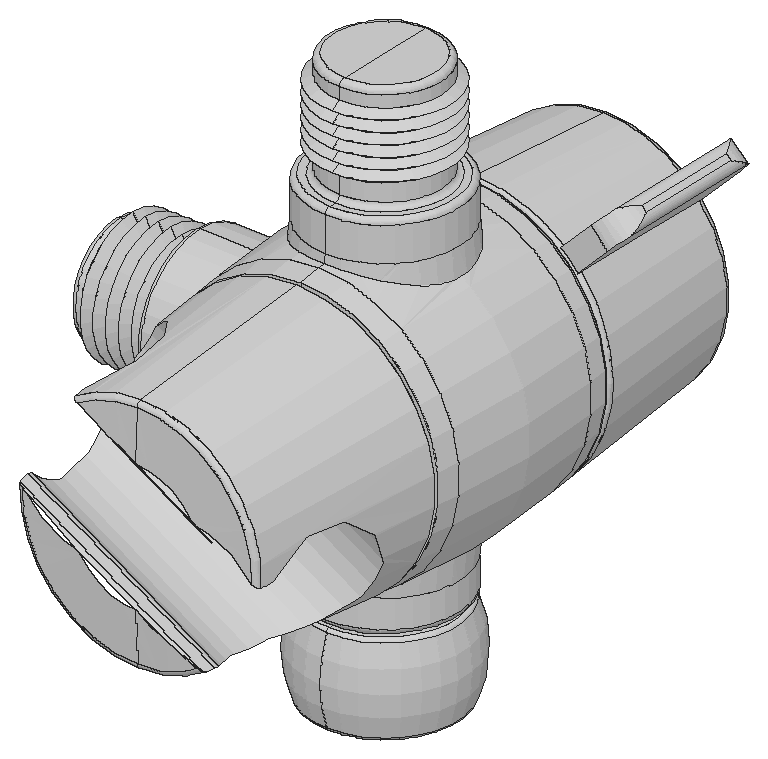
Revit family "VS-118", category Plumbing Equipment, host Face, Revit 2023
Family settings
  Host = Face
  Round Connector Dimension = Use Diameter
  Classification = None
  Part Type = Normal
  Cut with Voids When Loaded = No
  Maintain Annotation Orientation = No
  Shared = No
  Room Calculation Point = No
Parameters
  Material = Stainless Steel, Polished
  Default Elevation = 4' - 0"
Reference planes (in)
  plane 1 "Center (Front/Back)": y = 0
  plane 2: z = 0
  plane 3 "Center (Left/Right)": x = 0
  plane 4: y = -1.96956
  plane 5: y = 1.78044
  plane 6: z = 3.625
Forms (in)
  Revolve 1, solid, material "Stainless Steel, Polished" <- "Material"
    sketch origin (0, 0, 0) x (0, 1, 0) y (0, 0, 1)
      loop
        line (0, 3.625) -> (0, 0.60013) -> (0.43386, 0.60013)
        arc (0.43386, 0.60013) -> (0.45798, 0.61012) -> (0.46797, 0.63423) r 0.03411
        line (0.46797, 0.63423) -> (0.46797, 0.81136)
        arc (0.46797, 0.81136) -> (0.51846, 1.75476) -> (0.46797, 2.69815) r 8.83889
        line (0.46797, 2.69815) -> (0.46797, 2.91434)
        arc (0.46797, 2.91434) -> (0.45798, 2.93846) -> (0.43386, 2.94845) r 0.03411
        line (0.43386, 2.94845) -> (0.38976, 2.94845)
        arc (0.38976, 2.94845) -> (0.36538, 2.95855) -> (0.35529, 2.98292) r 0.03447
        line (0.35529, 2.98292) -> (0.35529, 3.09229) -> (0.41381, 3.12745) -> (0.35529, 3.16262) -> (0.41381, 3.19779) -> (0.35529, 3.23295) -> (0.41381, 3.26812) -> (0.35529, 3.30328) -> (0.41381, 3.33845) -> (0.35529, 3.37362) -> (0.41381, 3.40878) -> (0.35529, 3.44395) -> (0.41381, 3.47911) -> (0.35529, 3.51428) -> (0.35529, 3.58864)
        arc (0.35529, 3.58864) -> (0.34464, 3.61435) -> (0.31892, 3.625) r 0.03636
        line (0.31892, 3.625) -> (0, 3.625)
      axis (0, 3.625) -> (0, 0.60013)
    angle from 0 to 360
  Revolve 2, solid, material "Stainless Steel, Polished" <- "Material"
    sketch origin (0, 0, 0) x (0, 1, 0) y (0, 0, 1)
      loop
        arc (1.78277, 1.75476) -> (1.77819, 2.12176) -> (1.76446, 2.48854) r 14.71269
        arc (1.76446, 2.48854) -> (1.75205, 2.51724) -> (1.72383, 2.53072) r 0.04457
        line (1.72383, 2.53072) -> (0.71123, 2.61931)
        arc (0.71123, 2.61931) -> (0.69601, 2.61414) -> (0.68953, 2.59942) r 0.01996
        line (0.68953, 2.59942) -> (0.68953, 1.75476) -> (1.78277, 1.75476)
      loop
        line (-0.51827, 2.64029) -> (-0.66556, 2.6222) -> (-0.66556, 2.59102) -> (-0.69643, 2.59102) -> (-0.69643, 2.62181) -> (-1.91815, 2.51039)
        arc (-1.91815, 2.51039) -> (-1.93957, 2.50014) -> (-1.94911, 2.47839) r 0.03412
        arc (-1.94911, 2.47839) -> (-1.96482, 2.11672) -> (-1.97006, 1.75476) r 12.50698
        line (-1.97006, 1.75476) -> (0.67551, 1.75476) -> (0.67551, 2.60226)
        arc (0.67551, 2.60226) -> (0.67021, 2.61643) -> (0.65692, 2.62365) r 0.02159
        line (0.65692, 2.62365) -> (0.51827, 2.64029)
        arc (0.51827, 2.64029) -> (0, 2.67128) -> (-0.51827, 2.64029) r 4.34915
      axis (-1.97006, 1.75476) -> (1.78277, 1.75476)
    angle from 0 to 360
  Revolve 3, solid, material "Stainless Steel, Polished" <- "Material"
    sketch origin (0, 0, 0) x (0, 1, 0) y (0, 0, 1)
      loop
        line (0.31221, 0.63348) -> (0, 0.63348) -> (0, 0) -> (0.43515, 0)
        arc (0.43515, 0) -> (0.45084, 0.00483) -> (0.46112, 0.01764) r 0.02794
        arc (0.46112, 0.01764) -> (0.51245, 0.28621) -> (0.46116, 0.55478) r 0.7285
        arc (0.46116, 0.55478) -> (0.45083, 0.56766) -> (0.43505, 0.57251) r 0.02808
        line (0.43505, 0.57251) -> (0.31221, 0.57251) -> (0.31221, 0.63348)
      axis (0, 0) -> (0, 0.63348)
    angle from 0 to 360
  Extrusion 4, solid, material "Stainless Steel, Polished" <- "Material"
    sketch origin (0, 0, 0) x (1, 0, 0) y (0, 0, 1)
      loop
        line (0.93846, 2.66556) -> (0.9108, 2.69322)
        arc (0.9108, 2.69322) -> (0.87067, 2.70984) -> (0.83053, 2.69322) r 0.05676
        line (0.83053, 2.69322) -> (0.41793, 2.28061) -> (0.52585, 2.17269) -> (0.93846, 2.58529)
        arc (0.93846, 2.58529) -> (0.95508, 2.62543) -> (0.93846, 2.66556) r 0.05676
    from -1.74082 to -0.69565
  Extrusion 5, void
    sketch origin (-0.05396, 0, 1.80872) x (-0.707107, 0, -0.707107) y (0, 1, 0)
      loop
        line (-1.12013, 1.89042) -> (-1.40059, 1.89042) -> (-1.40059, 1.55332) -> (-1.30763, 1.55332)
        arc (-1.30763, 1.55332) -> (-1.25271, 1.6859) -> (-1.12013, 1.74082) r 0.1875
        line (-1.12013, 1.74082) -> (-1.12013, 1.89042)
      loop
        arc (-1.12013, 0.69565) -> (-1.25271, 0.75057) -> (-1.30763, 0.88315) r 0.1875
        line (-1.30763, 0.88315) -> (-1.40059, 0.88315) -> (-1.40059, 0.51644) -> (-1.12013, 0.51644) -> (-1.12013, 0.69565)
    from -1 to 1
  Extrusion 6, solid, material "Stainless Steel, Polished" <- "Material"
    sketch origin (1.75476, 0, 1.75476) x (0, 0, -1) y (1, 0, 0)
      loop
        arc (0.93846, -2.66556) -> (0.95508, -2.62543) -> (0.93846, -2.58529) r 0.05676
        line (0.93846, -2.58529) -> (0.52585, -2.17269) -> (0.41793, -2.28061) -> (0.83053, -2.69322)
        arc (0.83053, -2.69322) -> (0.87067, -2.70984) -> (0.9108, -2.69322) r 0.05676
        line (0.9108, -2.69322) -> (0.93846, -2.66556)
    from -1.74082 to -0.69565
  Extrusion 7, void
    sketch origin (-0.05396, 0, 1.80872) x (0.707107, 0, 0.707107) y (0, -1, 0)
      loop
        line (-1.12013, -1.89042) -> (-1.12013, -1.74082)
        arc (-1.12013, -1.74082) -> (-1.25271, -1.6859) -> (-1.30763, -1.55332) r 0.1875
        line (-1.30763, -1.55332) -> (-1.40059, -1.55332) -> (-1.40059, -1.89042) -> (-1.12013, -1.89042)
      loop
        line (-1.12013, -0.69565) -> (-1.12013, -0.51644) -> (-1.40059, -0.51644) -> (-1.40059, -0.88315) -> (-1.30763, -0.88315)
        arc (-1.30763, -0.88315) -> (-1.25271, -0.75057) -> (-1.12013, -0.69565) r 0.1875
    from -1 to 1
  Revolve 8, solid, material "Stainless Steel, Polished" <- "Material"
    sketch origin (0, 0, 0) x (1, 0, 0) y (0, 0, 1)
      loop
        line (-0.41234, 1.75476) -> (-0.41234, 2.2228) -> (-1.16234, 2.2228)
        arc (-1.16234, 2.2228) -> (-1.18244, 2.21447) -> (-1.19076, 2.19437) r 0.02842
        line (-1.19076, 2.19437) -> (-1.19076, 2.14046)
        arc (-1.19076, 2.14046) -> (-1.19971, 2.11886) -> (-1.22131, 2.10991) r 0.03055
        line (-1.22131, 2.10991) -> (-1.25396, 2.10991) -> (-1.28103, 2.14857) -> (-1.30809, 2.10991) -> (-1.34838, 2.16744) -> (-1.38866, 2.10991) -> (-1.42894, 2.16744) -> (-1.46922, 2.10991) -> (-1.5095, 2.16744) -> (-1.54979, 2.10991) -> (-1.59007, 2.16744) -> (-1.63035, 2.10991) -> (-1.66366, 2.10991)
        arc (-1.66366, 2.10991) -> (-1.68779, 2.09992) -> (-1.69778, 2.07579) r 0.03412
        line (-1.69778, 2.07579) -> (-1.69778, 1.75476) -> (-0.41234, 1.75476)
      axis (-1.69778, 1.75476) -> (-0.41234, 1.75476)
    angle from 0 to 360
  Extrusion 9, void
    sketch origin (-1.4658, -180, -0.78409) x (0.5, 0, 0.866025) y (0, -1, 0)
      loop
        arc (3.29272, -178.18461) -> (3.27986, -178.16468) -> (3.27535, -178.14138) r 0.0625
        line (3.27535, -178.14138) -> (3.27535, -178.06169)
        arc (3.27535, -178.06169) -> (3.28451, -178.0396) -> (3.3066, -178.03044) r 0.03125
        line (3.3066, -178.03044) -> (3.3066, -177.97323) -> (2.5566, -177.97323) -> (2.5566, -178.03044)
        arc (2.5566, -178.03044) -> (2.5787, -178.0396) -> (2.58785, -178.06169) r 0.03125
        line (2.58785, -178.06169) -> (2.58785, -178.14138)
        arc (2.58785, -178.14138) -> (2.58335, -178.16468) -> (2.57049, -178.18461) r 0.0625
        arc (2.57049, -178.18461) -> (2.9316, -179.03044) -> (3.29272, -178.18461) r 0.5
    from -1 to 1
Cuts and joins
  Extrusion 9 cuts Revolve 1
  Extrusion 9 cuts Revolve 2
  Extrusion 9 cuts Revolve 3
  Extrusion 5, Extrusion 7, Extrusion 9 cuts Extrusion 4
  Extrusion 7, Extrusion 9 cuts Extrusion 6
  Extrusion 9 cuts Revolve 8
  joined: Revolve 1, Revolve 2, Revolve 3, Extrusion 4, Extrusion 6, Revolve 8
Lines and regions (in)
  symbolic lines, not visible
    curve 1: line (-0.41381, 0, 3.47911) -> (-1.64526, 0, 3.95182)
    curve 2: line (-1.64526, 0, 3.95182) -> (-1.42894, 0, 2.16744)
    curve 3: line (-0.41381, 0, 3.47911) -> (-0.66381, 0, 3.47911)
    curve 4: line (-0.41381, 0, 3.47911) -> (-0.5996, 0, 3.6464)
    curve 5: line (-1.42894, 0, 2.16744) -> (-1.54597, 0, 2.38836)
    curve 6: line (-1.42894, 0, 2.16744) -> (-1.36809, 0, 2.40992)
    curve 7: line (-1.64526, 0, 3.95182) -> (-2.89526, 0, 3.95182)
    curve 8: line (0, 0, 3.625) -> (0, 0, 4.41617)
    curve 9: line (0, 0, 3.625) -> (0, 0.10565, 3.85158)
    curve 10: line (0, 0, 3.625) -> (0, -0.10565, 3.85158)
Text (in)
  text "1/2\" - 14 NPSM THREAD\nOUTLET" at (-3.64252, 0, 4.06864), in view "Right"
  text "1/2\" - 14 NPSF THREAD\nINLET" at (0, -0.06231, 4.80237), in view "Front"
Dimensions and locks (in)
  cut or joined group 1 (Revolve 1, Revolve 2, Revolve 3, Extrusion 4, Extrusion 5, Extrusion 6, Extrusion 7, Revolve 8, Extrusion 9) to cut or joined group 1 = 0' - 2.61392"
  plane 6 to plane 2 = 0' - 3 5/8"
  plane 4 to plane 5 = 0' - 3 3/4"
  aligned and locked: host face to plane 2
  aligned and locked: level to host face
